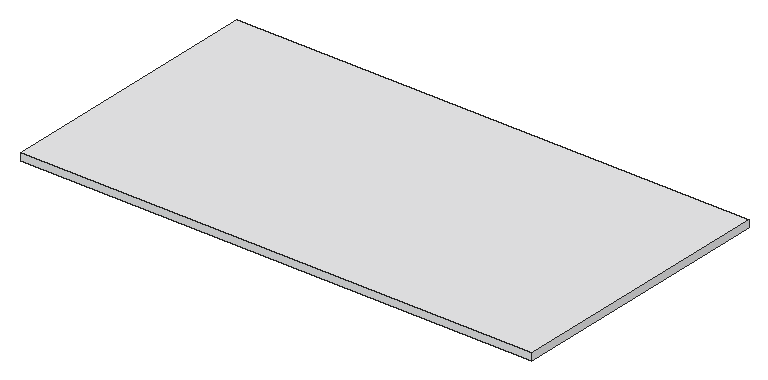
Revit family "Countertop-90cm-WithoutFaucetHole-Vitra-OriginSeries-65760+65761+65762", category Furniture Systems, host Face, Revit 2017
Family settings
  Host = Face
  Round Connector Dimension = Use Diameter
  Part Type = Normal
  OmniClass Number = 23.40.00.00
  OmniClass Title = Equipment and Furnishings
  Cut with Voids When Loaded = No
  Shared = Yes
  Room Calculation Point = No
Parameters (values of type "Countertop-90cm-withoutfaucethole-Vitra-OriginSeries-65760")
  Youtube = "https://www.youtube.com/user/VitrAglobal"
  Weight Net (kg) = ""
  Warranty Period (Year) = "2"
  Uniformat II Description = "INTERIOR FINISHES"
  Uniformat II Code = "C30"
  Uniclass 2015 Name = "Counter tops"
  Uniclass 2015 Code = "Pr_40_30_30_18"
  Uniclass 2.0 Description = "Counter Tops"
  Uniclass 2.0 Code = "PR-35-12-18"
  Uniclass 1.4 Description = "Counters"
  Uniclass 1.4 Code = "L8571"
  URL = "https://vitraglobal.com/"
  UNSPSC Description = ""
  UNSPSC Code = ""
  Technical description = "https://www.vitraglobal.com/pdf/65760/"
  Tap hole Options (default) = ""
  Specification = ""
  Region South America = "All"
  Region Oceania = "All"
  Region North America = "All"
  Region Middle East = "All"
  Region Europe = "All"
  Region Asia = "All"
  Region Antarctica = "All"
  Region Africa = "All"
  Product url = "https://www.vitraglobal.com/bathroom-furniture/counters/standard-workbenches/origin-top-counter-sku-65760/"
  Product manual = ""
  Product group = "Counters - Standard Workbenches - Top Counter\r\n>"
  Product family = "Origin"
  Product data url = ""
  Product certification = "https://www.vitraglobal.com/brochures/"
  Product SKU = "65760"
  Product Guid = "https://www.vitraglobal.com/uyeIslem/fileDownload.aspx?udkEnc=r/kiLfbjTqP+veoLmopm56oXe2pGf1KiY0sIhVs8XtvBCnZvuHwprEDBA3Y/yW0jmged2xHhDdcfpWCG31tBWQ==&lang=en-US"
  Primary Material = White Glass
  OmniClass Description = "Casework Component Work Surfaces"
  OmniClass Code = "23-21 19 17"
  Nominal Width (mm) = 905 mm
  Nominal Height (mm) = 12 mm
  Nominal Depth (mm) = 480 mm
  NBS Referans Description = "Counter Tops"
  NBS Referans Code = "35-12-18"
  Mounting type = "Top Counter"
  Model = "65760"
  Masterformat 2014 Description = "Countertops"
  Masterformat 2014 Code = "12 36 00"
  Manufacturer name = "VitrA"
  Manufacturer = "VitrA"
  Main Material = "Glass"
  Installation instructions = "https://www.vitraglobal.com/uyeIslem/fileDownload.aspx?udkEnc=CJ4BtIVw3d35o37L+wRxR5nvvE7siY+qztVg1Ck4mGHiGa1cwxcfuKvrfIJxSKVCVNuK2X7eAwkPY3dCDjOTBw==&lang=en-US"
  IFC Classification = "Furnishing Element"
  EAN code = ""
  Design country = "Turkey"
  Description = "Origin Top counter - without faucet hole - 90cm - White"
  Default Elevation = 850 mm
  Color = "White"
  COBIe Type Category = ""
  Brand = "VitrA"
  BIMobject category = "Countertops"
  Article No. (default) = "65760"
  Accessories (default) = ""
Types (3, lengths in mm): name | Technical description | Product url | Product SKU | Product Guid | Primary Material | Model | Installation instructions | Description | Color | Article No. (default)
  Countertop-90cm-withoutfaucethole-Vitra-OriginSeries-65760 | "https://www.vitraglobal.com/pdf/65760/" | "https://www.vitraglobal.com/bathroom-furniture/counters/standard-workbenches/origin-top-counter-sku-65760/" | "65760" | "https://www.vitraglobal.com/uyeIslem/fileDownload.aspx?udkEnc=r/kiLfbjTqP+veoLmopm56oXe2pGf1KiY0sIhVs8XtvBCnZvuHwprEDBA3Y/yW0jmged2xHhDdcfpWCG31tBWQ==&lang=en-US" | White Glass | "65760" | "https://www.vitraglobal.com/uyeIslem/fileDownload.aspx?udkEnc=CJ4BtIVw3d35o37L+wRxR5nvvE7siY+qztVg1Ck4mGHiGa1cwxcfuKvrfIJxSKVCVNuK2X7eAwkPY3dCDjOTBw==&lang=en-US" | "Origin Top counter - without faucet hole - 90cm - White" | "White" | "65760"
  Countertop-90cm-withoutfaucethole-Vitra-OriginSeries-65761 | "https://www.vitraglobal.com/pdf/65761/" | "https://www.vitraglobal.com/bathroom-furniture/counters/standard-workbenches/origin-top-counter-sku-65761/" | "65761" | "https://www.vitraglobal.com/uyeIslem/fileDownload.aspx?udkEnc=wTpxZpL/QOI4sK+j2or14UWW9cE+u+RIc2ZsSBZ+6Zw07VkMryjIagfb094SRgONJ9NKmq+TC9WXkJPMTVLzJw==&lang=en-US" | Black Glass | "65761" | "https://www.vitraglobal.com/uyeIslem/fileDownload.aspx?udkEnc=lNg+dW5SNG67KYWZ/QBNYQc7uNfd4v+8SMNabJgdkeoF9le2tpU5Lpkm0fxQpnumyGGU1KWEcqe75tTYhmeQLQ==&lang=en-US" | "Origin Top counter - without faucet hole 90cm - Black" | "Black" | "65761"
  Countertop-90cm-withoutfaucethole-Vitra-OriginSeries-65762 | "https://www.vitraglobal.com/pdf/65762/" | "https://www.vitraglobal.com/bathroom-furniture/counters/standard-workbenches/origin-top-counter-sku-65762/" | "65762" | "https://www.vitraglobal.com/uyeIslem/fileDownload.aspx?udkEnc=nD7HNa4R0/w5CuPqfa9eJalzDs+MQx36vTFSLb3r9RiTgL2PetdqYtFcu2E0ZegpobKap/V8vLSM+wQJ5ApwWQ==&lang=en-US" | Neolith | "65762" | "https://www.vitraglobal.com/uyeIslem/fileDownload.aspx?udkEnc=fKXEghtGTzbIN31iVu4H1moIAYj/R2UtuRZFL5yDyXIvkxozFyfW2DtZWWOsjbFf/FtIcRTeo55mwYudeQjDGg==&lang=en-US" | "Origin Top counter - without faucet hole 90cm - Neolith" | "Neolith" | "65762"
Reference planes
  plane 1 "Center (Front/Back)": y = 0
  plane 2: z = 0
  plane 3 "Center (Left/Right)": x = -8.77
  plane 4: x = 443.73
  plane 5: x = -461.27
  plane 6: y = 240
  plane 7: y = -240
  plane 8: z = -838
  plane 9: z = 12
Forms (mm)
  Extrusion 1, solid, detail levels coarse
    sketch origin (0, 0, 0) x (1, 0, 0) y (0, 1, 0)
      loop
        line (443.73, 240) -> (-461.27, 240) -> (-461.27, -240) -> (443.73, -240) -> (443.73, 240)
    from 0 to 12
  Extrusion 2, solid, material "White Glass" <- "Primary Material", detail levels medium+fine
    sketch origin (0, 0, 0) x (1, 0, 0) y (0, 1, 0)
      loop
        line (443.73, 240) -> (-461.27, 240) -> (-461.27, -240) -> (443.73, -240) -> (443.73, 240)
    from 0 to 12
Dimensions and locks
  "Nominal Width (mm)": plane 5 to plane 4
  "Nominal Depth (mm)": plane 6 to plane 7
  plane 9 to plane 8 = 850 mm
  "Nominal Height (mm)": plane 9 to host face
  aligned and locked: plane 2 to host face
  aligned and locked: level to host face
Automatic sketch dimensions
  host sketch curve to host sketch curve = 2438.4 mm  (x2)
  Extrusion 1 sketch curve to plane 5 = 0 mm
  Extrusion 1 sketch curve to plane 4 = 0 mm
  Extrusion 1 sketch curve to plane 7 = 0 mm
  Extrusion 1 sketch curve to plane 6 = 0 mm
  Extrusion 2 sketch curve to plane 5 = 0 mm
  Extrusion 2 sketch curve to plane 4 = 0 mm
  Extrusion 2 sketch curve to plane 7 = 0 mm
  Extrusion 2 sketch curve to plane 6 = 0 mm
